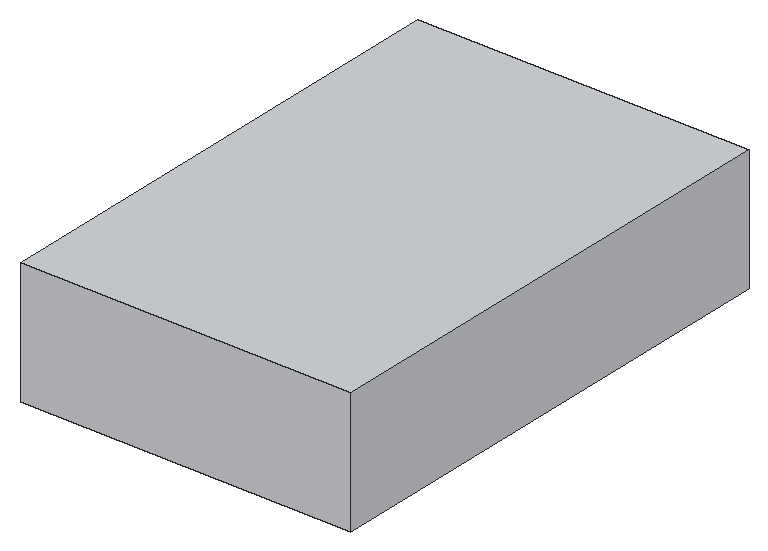
Revit family "矩形基腳", category 結構基礎, Revit 2014
Parameters (values of type "1800 x 1200 x 450 mm")
  結構材料 = none
  關鍵註記 = "03300"
  寬度 = 1200 mm
  長度 = 1800 mm
  Assembly Code = ""
  厚度 = 450 mm
Reference planes
  plane 1 "中心 (前/後)": y = 0
  plane 2: z = 0
  plane 3 "中心 (左/右)": x = 0
  plane 4: x = -600
  plane 5: x = 600
  plane 6: y = 900
  plane 7: y = -900
Forms (mm)
  Extrusion 1, solid, material <- "結構材料"
    sketch origin (0, 0, 0) x (1, 0, 0) y (0, 1, 0)
      loop
        line (-600, 900) -> (-600, -900) -> (600, -900) -> (600, 900) -> (-600, 900)
    from -450 to 0
Dimensions and locks
  "厚度": plane 2 to Extrusion 1
  "寬度": plane 4 to plane 5
  "長度": plane 6 to plane 7
  equal spacing: plane 6, plane 1 "中心 (前/後)", plane 7
  equal spacing: plane 4, plane 3 "中心 (左/右)", plane 5
  aligned and locked: plane 4 to Extrusion 1 sketch curve
  aligned and locked: Extrusion 1 sketch curve to plane 5
  aligned and locked: Extrusion 1 sketch curve to plane 6
  aligned and locked: plane 7 to Extrusion 1 sketch curve
  aligned and locked: level to Extrusion 1
